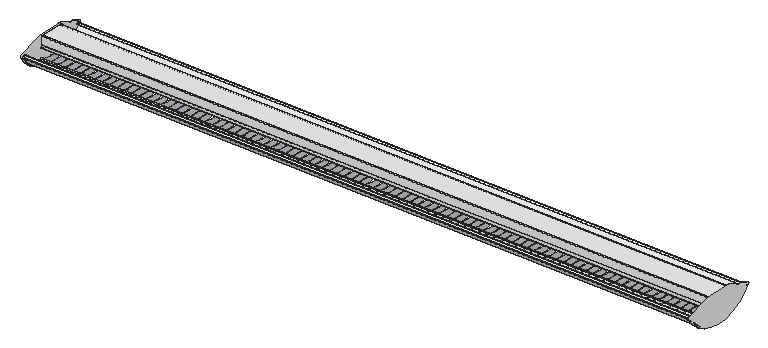
Revit family "LCBA92", category Lighting Fixtures, host Ceiling, Revit 2019 (continued)
Automatic sketch dimensions
  Extrusion 25 sketch curve to Extrusion 25 sketch curve = 0' - 5.49786"
  Extrusion 25 sketch curve to Extrusion 25 sketch curve = 0' - 0.72846"
  Extrusion 25 sketch curve to Extrusion 25 sketch curve = 0' - 0.24983"
  Extrusion 25 sketch curve to Extrusion 25 sketch curve = 0' - 0.04916"
  Extrusion 25 sketch curve to Extrusion 25 sketch curve = 0' - 0.53161"
  Extrusion 25 sketch curve to Extrusion 25 sketch curve = 0' - 0.11075"
  Extrusion 25 sketch curve to Extrusion 25 sketch curve = 0' - 0.0006"
  Extrusion 25 sketch curve to Extrusion 25 sketch curve = 0' - 0.0618"
  Extrusion 25 sketch curve to Extrusion 25 sketch curve = 0' - 0.05701"
  Extrusion 25 sketch curve to Extrusion 25 sketch curve = 0' - 0.25043"
  Extrusion 25 sketch curve to Extrusion 25 sketch curve = 0' - 0.11521"
  Extrusion 25 sketch curve to Extrusion 25 sketch curve = 0' - 0.04319"
  Extrusion 25 sketch curve to Extrusion 25 sketch curve = 0' - 0.08945"
  Extrusion 25 sketch curve to Extrusion 25 sketch curve = 0' - 0.05729"
  Extrusion 25 sketch curve to Extrusion 25 sketch curve = 0' - 0.02148"
  Extrusion 25 sketch curve to Extrusion 25 sketch curve = 0' - 0.04651"
  Extrusion 25 sketch curve to Extrusion 25 sketch curve = 0' - 0.11432"
  Extrusion 25 sketch curve to Extrusion 25 sketch curve = 0' - 0.00404"
  Extrusion 25 sketch curve to Extrusion 25 sketch curve = 0' - 0.06156"
  Extrusion 25 sketch curve to Extrusion 25 sketch curve = 0' - 0.05777"
  Extrusion 25 sketch curve to Extrusion 25 sketch curve = 0' - 0.24957"
  Extrusion 25 sketch curve to Extrusion 25 sketch curve = 0' - 0.1164"
  Extrusion 25 sketch curve to Extrusion 25 sketch curve = 0' - 0.0434"
  Extrusion 25 sketch curve to Extrusion 25 sketch curve = 0' - 0.08957"
  Extrusion 25 sketch curve to Extrusion 25 sketch curve = 0' - 0.05878"
  Extrusion 25 sketch curve to Extrusion 25 sketch curve = 0' - 0.02204"
  Extrusion 25 sketch curve to Extrusion 25 sketch curve = 0' - 0.11777"
  Extrusion 25 sketch curve to Extrusion 25 sketch curve = 0' - 1.81406"
  Extrusion 25 sketch curve to Extrusion 25 sketch curve = 0' - 0"
  Extrusion 25 sketch curve to Extrusion 25 sketch curve = 0' - 3.62674"
  Extrusion 25 sketch curve to Extrusion 25 sketch curve = 0' - 0.13108"
  Extrusion 25 sketch curve to Extrusion 25 sketch curve = 0' - 0.13208"
  Extrusion 25 sketch curve to Extrusion 25 sketch curve = 0' - 0.00107"
  Extrusion 25 sketch curve to Extrusion 25 sketch curve = 0' - 0.00122"
  Extrusion 25 sketch curve to Extrusion 25 sketch curve = 0' - 0.17689"
  Extrusion 25 sketch curve to Extrusion 25 sketch curve = 0' - 0.1749"
  Extrusion 26 sketch curve to Extrusion 26 sketch curve = 0' - 5.49786"
  Extrusion 26 sketch curve to Extrusion 26 sketch curve = 0' - 0.72846"
  Extrusion 26 sketch curve to Extrusion 26 sketch curve = 0' - 0.24983"
  Extrusion 26 sketch curve to Extrusion 26 sketch curve = 0' - 0.04916"
  Extrusion 26 sketch curve to Extrusion 26 sketch curve = 0' - 0.53161"
  Extrusion 26 sketch curve to Extrusion 26 sketch curve = 0' - 0.11075"
  Extrusion 26 sketch curve to Extrusion 26 sketch curve = 0' - 0.0006"
  Extrusion 26 sketch curve to Extrusion 26 sketch curve = 0' - 0.0618"
  Extrusion 26 sketch curve to Extrusion 26 sketch curve = 0' - 0.05701"
  Extrusion 26 sketch curve to Extrusion 26 sketch curve = 0' - 0.25043"
  Extrusion 26 sketch curve to Extrusion 26 sketch curve = 0' - 0.11521"
  Extrusion 26 sketch curve to Extrusion 26 sketch curve = 0' - 0.04319"
  Extrusion 26 sketch curve to Extrusion 26 sketch curve = 0' - 0.08945"
  Extrusion 26 sketch curve to Extrusion 26 sketch curve = 0' - 0.05729"
  Extrusion 26 sketch curve to Extrusion 26 sketch curve = 0' - 0.02148"
  Extrusion 26 sketch curve to Extrusion 26 sketch curve = 0' - 0.04651"
  Extrusion 26 sketch curve to Extrusion 26 sketch curve = 0' - 0.11432"
  Extrusion 26 sketch curve to Extrusion 26 sketch curve = 0' - 0.00404"
  Extrusion 26 sketch curve to Extrusion 26 sketch curve = 0' - 0.06156"
  Extrusion 26 sketch curve to Extrusion 26 sketch curve = 0' - 0.05777"
  Extrusion 26 sketch curve to Extrusion 26 sketch curve = 0' - 0.24957"
  Extrusion 26 sketch curve to Extrusion 26 sketch curve = 0' - 0.1164"
  Extrusion 26 sketch curve to Extrusion 26 sketch curve = 0' - 0.0434"
  Extrusion 26 sketch curve to Extrusion 26 sketch curve = 0' - 0.08957"
  Extrusion 26 sketch curve to Extrusion 26 sketch curve = 0' - 0.05878"
  Extrusion 26 sketch curve to Extrusion 26 sketch curve = 0' - 0.02204"
  Extrusion 26 sketch curve to Extrusion 26 sketch curve = 0' - 0.11777"
  Extrusion 26 sketch curve to Extrusion 26 sketch curve = 0' - 1.81406"
  Extrusion 26 sketch curve to Extrusion 26 sketch curve = 0' - 0"
  Extrusion 26 sketch curve to Extrusion 26 sketch curve = 0' - 3.62674"
  Extrusion 26 sketch curve to Extrusion 26 sketch curve = 0' - 0.13108"
  Extrusion 26 sketch curve to Extrusion 26 sketch curve = 0' - 0.13208"
  Extrusion 26 sketch curve to Extrusion 26 sketch curve = 0' - 0.00107"
  Extrusion 26 sketch curve to Extrusion 26 sketch curve = 0' - 0.00122"
  Extrusion 26 sketch curve to Extrusion 26 sketch curve = 0' - 0.17689"
  Extrusion 26 sketch curve to Extrusion 26 sketch curve = 0' - 0.1749"
  Extrusion 27 sketch curve to Extrusion 27 sketch curve = 0' - 5.49786"
  Extrusion 27 sketch curve to Extrusion 27 sketch curve = 0' - 0.72846"
  Extrusion 27 sketch curve to Extrusion 27 sketch curve = 0' - 0.24983"
  Extrusion 27 sketch curve to Extrusion 27 sketch curve = 0' - 0.04916"
  Extrusion 27 sketch curve to Extrusion 27 sketch curve = 0' - 0.53161"
  Extrusion 27 sketch curve to Extrusion 27 sketch curve = 0' - 0.11075"
  Extrusion 27 sketch curve to Extrusion 27 sketch curve = 0' - 0.0006"
  Extrusion 27 sketch curve to Extrusion 27 sketch curve = 0' - 0.0618"
  Extrusion 27 sketch curve to Extrusion 27 sketch curve = 0' - 0.05701"
  Extrusion 27 sketch curve to Extrusion 27 sketch curve = 0' - 0.25043"
  Extrusion 27 sketch curve to Extrusion 27 sketch curve = 0' - 0.11521"
  Extrusion 27 sketch curve to Extrusion 27 sketch curve = 0' - 0.04319"
  Extrusion 27 sketch curve to Extrusion 27 sketch curve = 0' - 0.08945"
  Extrusion 27 sketch curve to Extrusion 27 sketch curve = 0' - 0.05729"
  Extrusion 27 sketch curve to Extrusion 27 sketch curve = 0' - 0.02148"
  Extrusion 27 sketch curve to Extrusion 27 sketch curve = 0' - 0.04651"
  Extrusion 27 sketch curve to Extrusion 27 sketch curve = 0' - 0.11432"
  Extrusion 27 sketch curve to Extrusion 27 sketch curve = 0' - 0.00404"
  Extrusion 27 sketch curve to Extrusion 27 sketch curve = 0' - 0.06156"
  Extrusion 27 sketch curve to Extrusion 27 sketch curve = 0' - 0.05777"
  Extrusion 27 sketch curve to Extrusion 27 sketch curve = 0' - 0.24957"
  Extrusion 27 sketch curve to Extrusion 27 sketch curve = 0' - 0.1164"
  Extrusion 27 sketch curve to Extrusion 27 sketch curve = 0' - 0.0434"
  Extrusion 27 sketch curve to Extrusion 27 sketch curve = 0' - 0.08957"
  Extrusion 27 sketch curve to Extrusion 27 sketch curve = 0' - 0.05878"
  Extrusion 27 sketch curve to Extrusion 27 sketch curve = 0' - 0.02204"
  Extrusion 27 sketch curve to Extrusion 27 sketch curve = 0' - 0.11777"
  Extrusion 27 sketch curve to Extrusion 27 sketch curve = 0' - 1.81406"
  Extrusion 27 sketch curve to Extrusion 27 sketch curve = 0' - 0"
  Extrusion 27 sketch curve to Extrusion 27 sketch curve = 0' - 3.62674"
  Extrusion 27 sketch curve to Extrusion 27 sketch curve = 0' - 0.13108"
  Extrusion 27 sketch curve to Extrusion 27 sketch curve = 0' - 0.13208"
  Extrusion 27 sketch curve to Extrusion 27 sketch curve = 0' - 0.00107"
  Extrusion 27 sketch curve to Extrusion 27 sketch curve = 0' - 0.00122"
  Extrusion 27 sketch curve to Extrusion 27 sketch curve = 0' - 0.17689"
  Extrusion 27 sketch curve to Extrusion 27 sketch curve = 0' - 0.1749"
  Extrusion 28 sketch curve to Extrusion 28 sketch curve = 0' - 5.49786"
  Extrusion 28 sketch curve to Extrusion 28 sketch curve = 0' - 0.72846"
  Extrusion 28 sketch curve to Extrusion 28 sketch curve = 0' - 0.24983"
  Extrusion 28 sketch curve to Extrusion 28 sketch curve = 0' - 0.04916"
  Extrusion 28 sketch curve to Extrusion 28 sketch curve = 0' - 0.53161"
  Extrusion 28 sketch curve to Extrusion 28 sketch curve = 0' - 0.11075"
  Extrusion 28 sketch curve to Extrusion 28 sketch curve = 0' - 0.0006"
  Extrusion 28 sketch curve to Extrusion 28 sketch curve = 0' - 0.0618"
  Extrusion 28 sketch curve to Extrusion 28 sketch curve = 0' - 0.05701"
  Extrusion 28 sketch curve to Extrusion 28 sketch curve = 0' - 0.25043"
  Extrusion 28 sketch curve to Extrusion 28 sketch curve = 0' - 0.11521"
  Extrusion 28 sketch curve to Extrusion 28 sketch curve = 0' - 0.04319"
  Extrusion 28 sketch curve to Extrusion 28 sketch curve = 0' - 0.08945"
  Extrusion 28 sketch curve to Extrusion 28 sketch curve = 0' - 0.05729"
  Extrusion 28 sketch curve to Extrusion 28 sketch curve = 0' - 0.02148"
  Extrusion 28 sketch curve to Extrusion 28 sketch curve = 0' - 0.04651"
  Extrusion 28 sketch curve to Extrusion 28 sketch curve = 0' - 0.11432"
  Extrusion 28 sketch curve to Extrusion 28 sketch curve = 0' - 0.00404"
  Extrusion 28 sketch curve to Extrusion 28 sketch curve = 0' - 0.06156"
  Extrusion 28 sketch curve to Extrusion 28 sketch curve = 0' - 0.05777"
  Extrusion 28 sketch curve to Extrusion 28 sketch curve = 0' - 0.24957"
  Extrusion 28 sketch curve to Extrusion 28 sketch curve = 0' - 0.1164"
  Extrusion 28 sketch curve to Extrusion 28 sketch curve = 0' - 0.0434"
  Extrusion 28 sketch curve to Extrusion 28 sketch curve = 0' - 0.08957"
  Extrusion 28 sketch curve to Extrusion 28 sketch curve = 0' - 0.05878"
  Extrusion 28 sketch curve to Extrusion 28 sketch curve = 0' - 0.02204"
  Extrusion 28 sketch curve to Extrusion 28 sketch curve = 0' - 0.11777"
  Extrusion 28 sketch curve to Extrusion 28 sketch curve = 0' - 1.81406"
  Extrusion 28 sketch curve to Extrusion 28 sketch curve = 0' - 0"
  Extrusion 28 sketch curve to Extrusion 28 sketch curve = 0' - 3.62674"
  Extrusion 28 sketch curve to Extrusion 28 sketch curve = 0' - 0.13108"
  Extrusion 28 sketch curve to Extrusion 28 sketch curve = 0' - 0.13208"
  Extrusion 28 sketch curve to Extrusion 28 sketch curve = 0' - 0.00107"
  Extrusion 28 sketch curve to Extrusion 28 sketch curve = 0' - 0.00122"
  Extrusion 28 sketch curve to Extrusion 28 sketch curve = 0' - 0.17689"
  Extrusion 28 sketch curve to Extrusion 28 sketch curve = 0' - 0.1749"
  Extrusion 29 sketch curve to Extrusion 29 sketch curve = 0' - 5.49786"
  Extrusion 29 sketch curve to Extrusion 29 sketch curve = 0' - 0.72846"
  Extrusion 29 sketch curve to Extrusion 29 sketch curve = 0' - 0.24983"
  Extrusion 29 sketch curve to Extrusion 29 sketch curve = 0' - 0.04916"
  Extrusion 29 sketch curve to Extrusion 29 sketch curve = 0' - 0.53161"
  Extrusion 29 sketch curve to Extrusion 29 sketch curve = 0' - 0.11075"
  Extrusion 29 sketch curve to Extrusion 29 sketch curve = 0' - 0.0006"
  Extrusion 29 sketch curve to Extrusion 29 sketch curve = 0' - 0.0618"
  Extrusion 29 sketch curve to Extrusion 29 sketch curve = 0' - 0.05701"
  Extrusion 29 sketch curve to Extrusion 29 sketch curve = 0' - 0.25043"
  Extrusion 29 sketch curve to Extrusion 29 sketch curve = 0' - 0.11521"
  Extrusion 29 sketch curve to Extrusion 29 sketch curve = 0' - 0.04319"
  Extrusion 29 sketch curve to Extrusion 29 sketch curve = 0' - 0.08945"
  Extrusion 29 sketch curve to Extrusion 29 sketch curve = 0' - 0.05729"
  Extrusion 29 sketch curve to Extrusion 29 sketch curve = 0' - 0.02148"
  Extrusion 29 sketch curve to Extrusion 29 sketch curve = 0' - 0.04651"
  Extrusion 29 sketch curve to Extrusion 29 sketch curve = 0' - 0.11432"
  Extrusion 29 sketch curve to Extrusion 29 sketch curve = 0' - 0.00404"
  Extrusion 29 sketch curve to Extrusion 29 sketch curve = 0' - 0.06156"
  Extrusion 29 sketch curve to Extrusion 29 sketch curve = 0' - 0.05777"
  Extrusion 29 sketch curve to Extrusion 29 sketch curve = 0' - 0.24957"
  Extrusion 29 sketch curve to Extrusion 29 sketch curve = 0' - 0.1164"
  Extrusion 29 sketch curve to Extrusion 29 sketch curve = 0' - 0.0434"
  Extrusion 29 sketch curve to Extrusion 29 sketch curve = 0' - 0.08957"
  Extrusion 29 sketch curve to Extrusion 29 sketch curve = 0' - 0.05878"
  Extrusion 29 sketch curve to Extrusion 29 sketch curve = 0' - 0.02204"
  Extrusion 29 sketch curve to Extrusion 29 sketch curve = 0' - 0.11777"
  Extrusion 29 sketch curve to Extrusion 29 sketch curve = 0' - 1.81406"
  Extrusion 29 sketch curve to Extrusion 29 sketch curve = 0' - 0"
  Extrusion 29 sketch curve to Extrusion 29 sketch curve = 0' - 3.62674"
  Extrusion 29 sketch curve to Extrusion 29 sketch curve = 0' - 0.13108"
  Extrusion 29 sketch curve to Extrusion 29 sketch curve = 0' - 0.13208"
  Extrusion 29 sketch curve to Extrusion 29 sketch curve = 0' - 0.00107"
  Extrusion 29 sketch curve to Extrusion 29 sketch curve = 0' - 0.00122"
  Extrusion 29 sketch curve to Extrusion 29 sketch curve = 0' - 0.17689"
  Extrusion 29 sketch curve to Extrusion 29 sketch curve = 0' - 0.1749"
  Extrusion 30 sketch curve to Extrusion 30 sketch curve = 0' - 5.49786"
  Extrusion 30 sketch curve to Extrusion 30 sketch curve = 0' - 0.72846"
  Extrusion 30 sketch curve to Extrusion 30 sketch curve = 0' - 0.24983"
  Extrusion 30 sketch curve to Extrusion 30 sketch curve = 0' - 0.04916"
  Extrusion 30 sketch curve to Extrusion 30 sketch curve = 0' - 0.53161"
  Extrusion 30 sketch curve to Extrusion 30 sketch curve = 0' - 0.11075"
  Extrusion 30 sketch curve to Extrusion 30 sketch curve = 0' - 0.0006"
  Extrusion 30 sketch curve to Extrusion 30 sketch curve = 0' - 0.0618"
  Extrusion 30 sketch curve to Extrusion 30 sketch curve = 0' - 0.05701"
  Extrusion 30 sketch curve to Extrusion 30 sketch curve = 0' - 0.25043"
  Extrusion 30 sketch curve to Extrusion 30 sketch curve = 0' - 0.11521"
  Extrusion 30 sketch curve to Extrusion 30 sketch curve = 0' - 0.04319"
  Extrusion 30 sketch curve to Extrusion 30 sketch curve = 0' - 0.08945"
  Extrusion 30 sketch curve to Extrusion 30 sketch curve = 0' - 0.05729"
  Extrusion 30 sketch curve to Extrusion 30 sketch curve = 0' - 0.02148"
  Extrusion 30 sketch curve to Extrusion 30 sketch curve = 0' - 0.04651"
  Extrusion 30 sketch curve to Extrusion 30 sketch curve = 0' - 0.11432"
  Extrusion 30 sketch curve to Extrusion 30 sketch curve = 0' - 0.00404"
  Extrusion 30 sketch curve to Extrusion 30 sketch curve = 0' - 0.06156"
  Extrusion 30 sketch curve to Extrusion 30 sketch curve = 0' - 0.05777"
  Extrusion 30 sketch curve to Extrusion 30 sketch curve = 0' - 0.24957"
  Extrusion 30 sketch curve to Extrusion 30 sketch curve = 0' - 0.1164"
  Extrusion 30 sketch curve to Extrusion 30 sketch curve = 0' - 0.0434"
  Extrusion 30 sketch curve to Extrusion 30 sketch curve = 0' - 0.08957"
  Extrusion 30 sketch curve to Extrusion 30 sketch curve = 0' - 0.05878"
  Extrusion 30 sketch curve to Extrusion 30 sketch curve = 0' - 0.02204"
  Extrusion 30 sketch curve to Extrusion 30 sketch curve = 0' - 0.11777"
  Extrusion 30 sketch curve to Extrusion 30 sketch curve = 0' - 1.81406"
  Extrusion 30 sketch curve to Extrusion 30 sketch curve = 0' - 0"
  Extrusion 30 sketch curve to Extrusion 30 sketch curve = 0' - 3.62674"
  Extrusion 30 sketch curve to Extrusion 30 sketch curve = 0' - 0.13108"
  Extrusion 30 sketch curve to Extrusion 30 sketch curve = 0' - 0.13208"
  Extrusion 30 sketch curve to Extrusion 30 sketch curve = 0' - 0.00107"
  Extrusion 30 sketch curve to Extrusion 30 sketch curve = 0' - 0.00122"
  Extrusion 30 sketch curve to Extrusion 30 sketch curve = 0' - 0.17689"
  Extrusion 30 sketch curve to Extrusion 30 sketch curve = 0' - 0.1749"
  Extrusion 31 sketch curve to Extrusion 31 sketch curve = 0' - 5.49786"
  Extrusion 31 sketch curve to Extrusion 31 sketch curve = 0' - 0.72846"
  Extrusion 31 sketch curve to Extrusion 31 sketch curve = 0' - 0.24983"
  Extrusion 31 sketch curve to Extrusion 31 sketch curve = 0' - 0.04916"
  Extrusion 31 sketch curve to Extrusion 31 sketch curve = 0' - 0.53161"
  Extrusion 31 sketch curve to Extrusion 31 sketch curve = 0' - 0.11075"
  Extrusion 31 sketch curve to Extrusion 31 sketch curve = 0' - 0.0006"
  Extrusion 31 sketch curve to Extrusion 31 sketch curve = 0' - 0.0618"
  Extrusion 31 sketch curve to Extrusion 31 sketch curve = 0' - 0.05701"
  Extrusion 31 sketch curve to Extrusion 31 sketch curve = 0' - 0.25043"
  Extrusion 31 sketch curve to Extrusion 31 sketch curve = 0' - 0.11521"
  Extrusion 31 sketch curve to Extrusion 31 sketch curve = 0' - 0.04319"
  Extrusion 31 sketch curve to Extrusion 31 sketch curve = 0' - 0.08945"
  Extrusion 31 sketch curve to Extrusion 31 sketch curve = 0' - 0.05729"
  Extrusion 31 sketch curve to Extrusion 31 sketch curve = 0' - 0.02148"
  Extrusion 31 sketch curve to Extrusion 31 sketch curve = 0' - 0.04651"
  Extrusion 31 sketch curve to Extrusion 31 sketch curve = 0' - 0.11432"
  Extrusion 31 sketch curve to Extrusion 31 sketch curve = 0' - 0.00404"
  Extrusion 31 sketch curve to Extrusion 31 sketch curve = 0' - 0.06156"
  Extrusion 31 sketch curve to Extrusion 31 sketch curve = 0' - 0.05777"
  Extrusion 31 sketch curve to Extrusion 31 sketch curve = 0' - 0.24957"
  Extrusion 31 sketch curve to Extrusion 31 sketch curve = 0' - 0.1164"
  Extrusion 31 sketch curve to Extrusion 31 sketch curve = 0' - 0.0434"
  Extrusion 31 sketch curve to Extrusion 31 sketch curve = 0' - 0.08957"
  Extrusion 31 sketch curve to Extrusion 31 sketch curve = 0' - 0.05878"
  Extrusion 31 sketch curve to Extrusion 31 sketch curve = 0' - 0.02204"
  Extrusion 31 sketch curve to Extrusion 31 sketch curve = 0' - 0.11777"
  Extrusion 31 sketch curve to Extrusion 31 sketch curve = 0' - 1.81406"
  Extrusion 31 sketch curve to Extrusion 31 sketch curve = 0' - 0"
  Extrusion 31 sketch curve to Extrusion 31 sketch curve = 0' - 3.62674"
  Extrusion 31 sketch curve to Extrusion 31 sketch curve = 0' - 0.13108"
  Extrusion 31 sketch curve to Extrusion 31 sketch curve = 0' - 0.13208"
  Extrusion 31 sketch curve to Extrusion 31 sketch curve = 0' - 0.00107"
  Extrusion 31 sketch curve to Extrusion 31 sketch curve = 0' - 0.00122"
  Extrusion 31 sketch curve to Extrusion 31 sketch curve = 0' - 0.17689"
  Extrusion 31 sketch curve to Extrusion 31 sketch curve = 0' - 0.1749"
  Extrusion 32 sketch curve to Extrusion 32 sketch curve = 0' - 5.49786"
  Extrusion 32 sketch curve to Extrusion 32 sketch curve = 0' - 0.72846"
  Extrusion 32 sketch curve to Extrusion 32 sketch curve = 0' - 0.24983"
  Extrusion 32 sketch curve to Extrusion 32 sketch curve = 0' - 0.04916"
  Extrusion 32 sketch curve to Extrusion 32 sketch curve = 0' - 0.53161"
  Extrusion 32 sketch curve to Extrusion 32 sketch curve = 0' - 0.11075"
  Extrusion 32 sketch curve to Extrusion 32 sketch curve = 0' - 0.0006"
  Extrusion 32 sketch curve to Extrusion 32 sketch curve = 0' - 0.0618"
  Extrusion 32 sketch curve to Extrusion 32 sketch curve = 0' - 0.05701"
  Extrusion 32 sketch curve to Extrusion 32 sketch curve = 0' - 0.25043"
  Extrusion 32 sketch curve to Extrusion 32 sketch curve = 0' - 0.11521"
  Extrusion 32 sketch curve to Extrusion 32 sketch curve = 0' - 0.04319"
  Extrusion 32 sketch curve to Extrusion 32 sketch curve = 0' - 0.08945"
  Extrusion 32 sketch curve to Extrusion 32 sketch curve = 0' - 0.05729"
  Extrusion 32 sketch curve to Extrusion 32 sketch curve = 0' - 0.02148"
  Extrusion 32 sketch curve to Extrusion 32 sketch curve = 0' - 0.04651"
  Extrusion 32 sketch curve to Extrusion 32 sketch curve = 0' - 0.11432"
  Extrusion 32 sketch curve to Extrusion 32 sketch curve = 0' - 0.00404"
  Extrusion 32 sketch curve to Extrusion 32 sketch curve = 0' - 0.06156"
  Extrusion 32 sketch curve to Extrusion 32 sketch curve = 0' - 0.05777"
  Extrusion 32 sketch curve to Extrusion 32 sketch curve = 0' - 0.24957"
  Extrusion 32 sketch curve to Extrusion 32 sketch curve = 0' - 0.1164"
  Extrusion 32 sketch curve to Extrusion 32 sketch curve = 0' - 0.0434"
  Extrusion 32 sketch curve to Extrusion 32 sketch curve = 0' - 0.08957"
  Extrusion 32 sketch curve to Extrusion 32 sketch curve = 0' - 0.05878"
  Extrusion 32 sketch curve to Extrusion 32 sketch curve = 0' - 0.02204"
  Extrusion 32 sketch curve to Extrusion 32 sketch curve = 0' - 0.11777"
  Extrusion 32 sketch curve to Extrusion 32 sketch curve = 0' - 1.81406"
  Extrusion 32 sketch curve to Extrusion 32 sketch curve = 0' - 0"
  Extrusion 32 sketch curve to Extrusion 32 sketch curve = 0' - 3.62674"
  Extrusion 32 sketch curve to Extrusion 32 sketch curve = 0' - 0.13108"
  Extrusion 32 sketch curve to Extrusion 32 sketch curve = 0' - 0.13208"
  Extrusion 32 sketch curve to Extrusion 32 sketch curve = 0' - 0.00107"
  Extrusion 32 sketch curve to Extrusion 32 sketch curve = 0' - 0.00122"
  Extrusion 32 sketch curve to Extrusion 32 sketch curve = 0' - 0.17689"
  Extrusion 32 sketch curve to Extrusion 32 sketch curve = 0' - 0.1749"
  Extrusion 33 sketch curve to Extrusion 33 sketch curve = 0' - 5.49786"
  Extrusion 33 sketch curve to Extrusion 33 sketch curve = 0' - 0.72846"
  Extrusion 33 sketch curve to Extrusion 33 sketch curve = 0' - 0.24983"
  Extrusion 33 sketch curve to Extrusion 33 sketch curve = 0' - 0.04916"
  Extrusion 33 sketch curve to Extrusion 33 sketch curve = 0' - 0.53161"
  Extrusion 33 sketch curve to Extrusion 33 sketch curve = 0' - 0.11075"
  Extrusion 33 sketch curve to Extrusion 33 sketch curve = 0' - 0.0006"
  Extrusion 33 sketch curve to Extrusion 33 sketch curve = 0' - 0.0618"
  Extrusion 33 sketch curve to Extrusion 33 sketch curve = 0' - 0.05701"
  Extrusion 33 sketch curve to Extrusion 33 sketch curve = 0' - 0.25043"
  Extrusion 33 sketch curve to Extrusion 33 sketch curve = 0' - 0.11521"
  Extrusion 33 sketch curve to Extrusion 33 sketch curve = 0' - 0.04319"
  Extrusion 33 sketch curve to Extrusion 33 sketch curve = 0' - 0.08945"
  Extrusion 33 sketch curve to Extrusion 33 sketch curve = 0' - 0.05729"
  Extrusion 33 sketch curve to Extrusion 33 sketch curve = 0' - 0.02148"
  Extrusion 33 sketch curve to Extrusion 33 sketch curve = 0' - 0.04651"
  Extrusion 33 sketch curve to Extrusion 33 sketch curve = 0' - 0.11432"
  Extrusion 33 sketch curve to Extrusion 33 sketch curve = 0' - 0.00404"
  Extrusion 33 sketch curve to Extrusion 33 sketch curve = 0' - 0.06156"
  Extrusion 33 sketch curve to Extrusion 33 sketch curve = 0' - 0.05777"
  Extrusion 33 sketch curve to Extrusion 33 sketch curve = 0' - 0.24957"
  Extrusion 33 sketch curve to Extrusion 33 sketch curve = 0' - 0.1164"
  Extrusion 33 sketch curve to Extrusion 33 sketch curve = 0' - 0.0434"
  Extrusion 33 sketch curve to Extrusion 33 sketch curve = 0' - 0.08957"
  Extrusion 33 sketch curve to Extrusion 33 sketch curve = 0' - 0.05878"
  Extrusion 33 sketch curve to Extrusion 33 sketch curve = 0' - 0.02204"
  Extrusion 33 sketch curve to Extrusion 33 sketch curve = 0' - 0.11777"
  Extrusion 33 sketch curve to Extrusion 33 sketch curve = 0' - 1.81406"
  Extrusion 33 sketch curve to Extrusion 33 sketch curve = 0' - 0"
  Extrusion 33 sketch curve to Extrusion 33 sketch curve = 0' - 3.62674"
  Extrusion 33 sketch curve to Extrusion 33 sketch curve = 0' - 0.13108"
  Extrusion 33 sketch curve to Extrusion 33 sketch curve = 0' - 0.13208"
  Extrusion 33 sketch curve to Extrusion 33 sketch curve = 0' - 0.00107"
  Extrusion 33 sketch curve to Extrusion 33 sketch curve = 0' - 0.00122"
  Extrusion 33 sketch curve to Extrusion 33 sketch curve = 0' - 0.17689"
  Extrusion 33 sketch curve to Extrusion 33 sketch curve = 0' - 0.1749"
  Extrusion 34 sketch curve to Extrusion 34 sketch curve = 0' - 5.49786"
  Extrusion 34 sketch curve to Extrusion 34 sketch curve = 0' - 0.72846"
  Extrusion 34 sketch curve to Extrusion 34 sketch curve = 0' - 0.24983"
  Extrusion 34 sketch curve to Extrusion 34 sketch curve = 0' - 0.04916"
  Extrusion 34 sketch curve to Extrusion 34 sketch curve = 0' - 0.53161"
  Extrusion 34 sketch curve to Extrusion 34 sketch curve = 0' - 0.11075"
  Extrusion 34 sketch curve to Extrusion 34 sketch curve = 0' - 0.0006"
  Extrusion 34 sketch curve to Extrusion 34 sketch curve = 0' - 0.0618"
  Extrusion 34 sketch curve to Extrusion 34 sketch curve = 0' - 0.05701"
  Extrusion 34 sketch curve to Extrusion 34 sketch curve = 0' - 0.25043"
  Extrusion 34 sketch curve to Extrusion 34 sketch curve = 0' - 0.11521"
  Extrusion 34 sketch curve to Extrusion 34 sketch curve = 0' - 0.04319"
  Extrusion 34 sketch curve to Extrusion 34 sketch curve = 0' - 0.08945"
  Extrusion 34 sketch curve to Extrusion 34 sketch curve = 0' - 0.05729"
  Extrusion 34 sketch curve to Extrusion 34 sketch curve = 0' - 0.02148"
  Extrusion 34 sketch curve to Extrusion 34 sketch curve = 0' - 0.04651"
  Extrusion 34 sketch curve to Extrusion 34 sketch curve = 0' - 0.11432"
  Extrusion 34 sketch curve to Extrusion 34 sketch curve = 0' - 0.00404"
  Extrusion 34 sketch curve to Extrusion 34 sketch curve = 0' - 0.06156"
  Extrusion 34 sketch curve to Extrusion 34 sketch curve = 0' - 0.05777"
  Extrusion 34 sketch curve to Extrusion 34 sketch curve = 0' - 0.24957"
  Extrusion 34 sketch curve to Extrusion 34 sketch curve = 0' - 0.1164"
  Extrusion 34 sketch curve to Extrusion 34 sketch curve = 0' - 0.0434"
  Extrusion 34 sketch curve to Extrusion 34 sketch curve = 0' - 0.08957"
  Extrusion 34 sketch curve to Extrusion 34 sketch curve = 0' - 0.05878"
  Extrusion 34 sketch curve to Extrusion 34 sketch curve = 0' - 0.02204"
  Extrusion 34 sketch curve to Extrusion 34 sketch curve = 0' - 0.11777"
  Extrusion 34 sketch curve to Extrusion 34 sketch curve = 0' - 1.81406"
  Extrusion 34 sketch curve to Extrusion 34 sketch curve = 0' - 0"
  Extrusion 34 sketch curve to Extrusion 34 sketch curve = 0' - 3.62674"
  Extrusion 34 sketch curve to Extrusion 34 sketch curve = 0' - 0.13108"
  Extrusion 34 sketch curve to Extrusion 34 sketch curve = 0' - 0.13208"
  Extrusion 34 sketch curve to Extrusion 34 sketch curve = 0' - 0.00107"
  Extrusion 34 sketch curve to Extrusion 34 sketch curve = 0' - 0.00122"
  Extrusion 34 sketch curve to Extrusion 34 sketch curve = 0' - 0.17689"
  Extrusion 34 sketch curve to Extrusion 34 sketch curve = 0' - 0.1749"
  Extrusion 35 sketch curve to Extrusion 35 sketch curve = 0' - 5.49786"
  Extrusion 35 sketch curve to Extrusion 35 sketch curve = 0' - 0.72846"
  Extrusion 35 sketch curve to Extrusion 35 sketch curve = 0' - 0.24983"
  Extrusion 35 sketch curve to Extrusion 35 sketch curve = 0' - 0.04916"
  Extrusion 35 sketch curve to Extrusion 35 sketch curve = 0' - 0.53161"
  Extrusion 35 sketch curve to Extrusion 35 sketch curve = 0' - 0.11075"
  Extrusion 35 sketch curve to Extrusion 35 sketch curve = 0' - 0.0006"
  Extrusion 35 sketch curve to Extrusion 35 sketch curve = 0' - 0.0618"
  Extrusion 35 sketch curve to Extrusion 35 sketch curve = 0' - 0.05701"
  Extrusion 35 sketch curve to Extrusion 35 sketch curve = 0' - 0.25043"
  Extrusion 35 sketch curve to Extrusion 35 sketch curve = 0' - 0.11521"
  Extrusion 35 sketch curve to Extrusion 35 sketch curve = 0' - 0.04319"
  Extrusion 35 sketch curve to Extrusion 35 sketch curve = 0' - 0.08945"
  Extrusion 35 sketch curve to Extrusion 35 sketch curve = 0' - 0.05729"
  Extrusion 35 sketch curve to Extrusion 35 sketch curve = 0' - 0.02148"
  Extrusion 35 sketch curve to Extrusion 35 sketch curve = 0' - 0.04651"
  Extrusion 35 sketch curve to Extrusion 35 sketch curve = 0' - 0.11432"
  Extrusion 35 sketch curve to Extrusion 35 sketch curve = 0' - 0.00404"
  Extrusion 35 sketch curve to Extrusion 35 sketch curve = 0' - 0.06156"
  Extrusion 35 sketch curve to Extrusion 35 sketch curve = 0' - 0.05777"
  Extrusion 35 sketch curve to Extrusion 35 sketch curve = 0' - 0.24957"
  Extrusion 35 sketch curve to Extrusion 35 sketch curve = 0' - 0.1164"
  Extrusion 35 sketch curve to Extrusion 35 sketch curve = 0' - 0.0434"
  Extrusion 35 sketch curve to Extrusion 35 sketch curve = 0' - 0.08957"
  Extrusion 35 sketch curve to Extrusion 35 sketch curve = 0' - 0.05878"
  Extrusion 35 sketch curve to Extrusion 35 sketch curve = 0' - 0.02204"
  Extrusion 35 sketch curve to Extrusion 35 sketch curve = 0' - 0.11777"
  Extrusion 35 sketch curve to Extrusion 35 sketch curve = 0' - 1.81406"
  Extrusion 35 sketch curve to Extrusion 35 sketch curve = 0' - 0"
  Extrusion 35 sketch curve to Extrusion 35 sketch curve = 0' - 3.62674"
  Extrusion 35 sketch curve to Extrusion 35 sketch curve = 0' - 0.13108"
  Extrusion 35 sketch curve to Extrusion 35 sketch curve = 0' - 0.13208"
  Extrusion 35 sketch curve to Extrusion 35 sketch curve = 0' - 0.00107"
  Extrusion 35 sketch curve to Extrusion 35 sketch curve = 0' - 0.00122"
  Extrusion 35 sketch curve to Extrusion 35 sketch curve = 0' - 0.17689"
  Extrusion 35 sketch curve to Extrusion 35 sketch curve = 0' - 0.1749"
  Extrusion 36 sketch curve to Extrusion 36 sketch curve = 0' - 5.49786"
  Extrusion 36 sketch curve to Extrusion 36 sketch curve = 0' - 0.72846"
  Extrusion 36 sketch curve to Extrusion 36 sketch curve = 0' - 0.24983"
  Extrusion 36 sketch curve to Extrusion 36 sketch curve = 0' - 0.04916"
  Extrusion 36 sketch curve to Extrusion 36 sketch curve = 0' - 0.53161"
  Extrusion 36 sketch curve to Extrusion 36 sketch curve = 0' - 0.11075"
  Extrusion 36 sketch curve to Extrusion 36 sketch curve = 0' - 0.0006"
  Extrusion 36 sketch curve to Extrusion 36 sketch curve = 0' - 0.0618"
  Extrusion 36 sketch curve to Extrusion 36 sketch curve = 0' - 0.05701"
  Extrusion 36 sketch curve to Extrusion 36 sketch curve = 0' - 0.25043"
  Extrusion 36 sketch curve to Extrusion 36 sketch curve = 0' - 0.11521"
  Extrusion 36 sketch curve to Extrusion 36 sketch curve = 0' - 0.04319"
  Extrusion 36 sketch curve to Extrusion 36 sketch curve = 0' - 0.08945"
  Extrusion 36 sketch curve to Extrusion 36 sketch curve = 0' - 0.05729"
  Extrusion 36 sketch curve to Extrusion 36 sketch curve = 0' - 0.02148"
  Extrusion 36 sketch curve to Extrusion 36 sketch curve = 0' - 0.04651"
  Extrusion 36 sketch curve to Extrusion 36 sketch curve = 0' - 0.11432"
  Extrusion 36 sketch curve to Extrusion 36 sketch curve = 0' - 0.00404"
  Extrusion 36 sketch curve to Extrusion 36 sketch curve = 0' - 0.06156"
  Extrusion 36 sketch curve to Extrusion 36 sketch curve = 0' - 0.05777"
  Extrusion 36 sketch curve to Extrusion 36 sketch curve = 0' - 0.24957"
  Extrusion 36 sketch curve to Extrusion 36 sketch curve = 0' - 0.1164"
  Extrusion 36 sketch curve to Extrusion 36 sketch curve = 0' - 0.0434"
  Extrusion 36 sketch curve to Extrusion 36 sketch curve = 0' - 0.08957"
  Extrusion 36 sketch curve to Extrusion 36 sketch curve = 0' - 0.05878"
  Extrusion 36 sketch curve to Extrusion 36 sketch curve = 0' - 0.02204"
  Extrusion 36 sketch curve to Extrusion 36 sketch curve = 0' - 0.11777"
  Extrusion 36 sketch curve to Extrusion 36 sketch curve = 0' - 1.81406"
  Extrusion 36 sketch curve to Extrusion 36 sketch curve = 0' - 0"
  Extrusion 36 sketch curve to Extrusion 36 sketch curve = 0' - 3.62674"
  Extrusion 36 sketch curve to Extrusion 36 sketch curve = 0' - 0.13108"
  Extrusion 36 sketch curve to Extrusion 36 sketch curve = 0' - 0.13208"
  Extrusion 36 sketch curve to Extrusion 36 sketch curve = 0' - 0.00107"
  Extrusion 36 sketch curve to Extrusion 36 sketch curve = 0' - 0.00122"
  Extrusion 36 sketch curve to Extrusion 36 sketch curve = 0' - 0.17689"
  Extrusion 36 sketch curve to Extrusion 36 sketch curve = 0' - 0.1749"
  Extrusion 37 sketch curve to Extrusion 37 sketch curve = 0' - 5.49786"
  Extrusion 37 sketch curve to Extrusion 37 sketch curve = 0' - 0.72846"
  Extrusion 37 sketch curve to Extrusion 37 sketch curve = 0' - 0.24983"
  Extrusion 37 sketch curve to Extrusion 37 sketch curve = 0' - 0.04916"
  Extrusion 37 sketch curve to Extrusion 37 sketch curve = 0' - 0.53161"
  Extrusion 37 sketch curve to Extrusion 37 sketch curve = 0' - 0.11075"
  Extrusion 37 sketch curve to Extrusion 37 sketch curve = 0' - 0.0006"
  Extrusion 37 sketch curve to Extrusion 37 sketch curve = 0' - 0.0618"
  Extrusion 37 sketch curve to Extrusion 37 sketch curve = 0' - 0.05701"
  Extrusion 37 sketch curve to Extrusion 37 sketch curve = 0' - 0.25043"
  Extrusion 37 sketch curve to Extrusion 37 sketch curve = 0' - 0.11521"
  Extrusion 37 sketch curve to Extrusion 37 sketch curve = 0' - 0.04319"
  Extrusion 37 sketch curve to Extrusion 37 sketch curve = 0' - 0.08945"
  Extrusion 37 sketch curve to Extrusion 37 sketch curve = 0' - 0.05729"
  Extrusion 37 sketch curve to Extrusion 37 sketch curve = 0' - 0.02148"
  Extrusion 37 sketch curve to Extrusion 37 sketch curve = 0' - 0.04651"
  Extrusion 37 sketch curve to Extrusion 37 sketch curve = 0' - 0.11432"
  Extrusion 37 sketch curve to Extrusion 37 sketch curve = 0' - 0.00404"
  Extrusion 37 sketch curve to Extrusion 37 sketch curve = 0' - 0.06156"
  Extrusion 37 sketch curve to Extrusion 37 sketch curve = 0' - 0.05777"
  Extrusion 37 sketch curve to Extrusion 37 sketch curve = 0' - 0.24957"
  Extrusion 37 sketch curve to Extrusion 37 sketch curve = 0' - 0.1164"
  Extrusion 37 sketch curve to Extrusion 37 sketch curve = 0' - 0.0434"
  Extrusion 37 sketch curve to Extrusion 37 sketch curve = 0' - 0.08957"
  Extrusion 37 sketch curve to Extrusion 37 sketch curve = 0' - 0.05878"
  Extrusion 37 sketch curve to Extrusion 37 sketch curve = 0' - 0.02204"
  Extrusion 37 sketch curve to Extrusion 37 sketch curve = 0' - 0.11777"
  Extrusion 37 sketch curve to Extrusion 37 sketch curve = 0' - 1.81406"
  Extrusion 37 sketch curve to Extrusion 37 sketch curve = 0' - 0"
  Extrusion 37 sketch curve to Extrusion 37 sketch curve = 0' - 3.62674"
  Extrusion 37 sketch curve to Extrusion 37 sketch curve = 0' - 0.13108"
  Extrusion 37 sketch curve to Extrusion 37 sketch curve = 0' - 0.13208"
  Extrusion 37 sketch curve to Extrusion 37 sketch curve = 0' - 0.00107"
  Extrusion 37 sketch curve to Extrusion 37 sketch curve = 0' - 0.00122"
  Extrusion 37 sketch curve to Extrusion 37 sketch curve = 0' - 0.17689"
  Extrusion 37 sketch curve to Extrusion 37 sketch curve = 0' - 0.1749"
  Extrusion 38 sketch curve to Extrusion 38 sketch curve = 0' - 5.49786"
  Extrusion 38 sketch curve to Extrusion 38 sketch curve = 0' - 0.72846"
  Extrusion 38 sketch curve to Extrusion 38 sketch curve = 0' - 0.24983"
  Extrusion 38 sketch curve to Extrusion 38 sketch curve = 0' - 0.04916"
  Extrusion 38 sketch curve to Extrusion 38 sketch curve = 0' - 0.53161"
  Extrusion 38 sketch curve to Extrusion 38 sketch curve = 0' - 0.11075"
  Extrusion 38 sketch curve to Extrusion 38 sketch curve = 0' - 0.0006"
  Extrusion 38 sketch curve to Extrusion 38 sketch curve = 0' - 0.0618"
  Extrusion 38 sketch curve to Extrusion 38 sketch curve = 0' - 0.05701"
  Extrusion 38 sketch curve to Extrusion 38 sketch curve = 0' - 0.25043"
  Extrusion 38 sketch curve to Extrusion 38 sketch curve = 0' - 0.11521"
  Extrusion 38 sketch curve to Extrusion 38 sketch curve = 0' - 0.04319"
  Extrusion 38 sketch curve to Extrusion 38 sketch curve = 0' - 0.08945"
  Extrusion 38 sketch curve to Extrusion 38 sketch curve = 0' - 0.05729"
  Extrusion 38 sketch curve to Extrusion 38 sketch curve = 0' - 0.02148"
  Extrusion 38 sketch curve to Extrusion 38 sketch curve = 0' - 0.04651"
  Extrusion 38 sketch curve to Extrusion 38 sketch curve = 0' - 0.11432"
  Extrusion 38 sketch curve to Extrusion 38 sketch curve = 0' - 0.00404"
  Extrusion 38 sketch curve to Extrusion 38 sketch curve = 0' - 0.06156"
  Extrusion 38 sketch curve to Extrusion 38 sketch curve = 0' - 0.05777"
  Extrusion 38 sketch curve to Extrusion 38 sketch curve = 0' - 0.24957"
  Extrusion 38 sketch curve to Extrusion 38 sketch curve = 0' - 0.1164"
  Extrusion 38 sketch curve to Extrusion 38 sketch curve = 0' - 0.0434"
  Extrusion 38 sketch curve to Extrusion 38 sketch curve = 0' - 0.08957"
  Extrusion 38 sketch curve to Extrusion 38 sketch curve = 0' - 0.05878"
  Extrusion 38 sketch curve to Extrusion 38 sketch curve = 0' - 0.02204"
  Extrusion 38 sketch curve to Extrusion 38 sketch curve = 0' - 0.11777"
  Extrusion 38 sketch curve to Extrusion 38 sketch curve = 0' - 1.81406"
  Extrusion 38 sketch curve to Extrusion 38 sketch curve = 0' - 0"
  Extrusion 38 sketch curve to Extrusion 38 sketch curve = 0' - 3.62674"
  Extrusion 38 sketch curve to Extrusion 38 sketch curve = 0' - 0.13108"
  Extrusion 38 sketch curve to Extrusion 38 sketch curve = 0' - 0.13208"
  Extrusion 38 sketch curve to Extrusion 38 sketch curve = 0' - 0.00107"
  Extrusion 38 sketch curve to Extrusion 38 sketch curve = 0' - 0.00122"
  Extrusion 38 sketch curve to Extrusion 38 sketch curve = 0' - 0.17689"
  Extrusion 38 sketch curve to Extrusion 38 sketch curve = 0' - 0.1749"
  Extrusion 39 sketch curve to Extrusion 39 sketch curve = 0' - 5.49786"
  Extrusion 39 sketch curve to Extrusion 39 sketch curve = 0' - 0.72846"
  Extrusion 39 sketch curve to Extrusion 39 sketch curve = 0' - 0.24983"
  Extrusion 39 sketch curve to Extrusion 39 sketch curve = 0' - 0.04916"
  Extrusion 39 sketch curve to Extrusion 39 sketch curve = 0' - 0.53161"
  Extrusion 39 sketch curve to Extrusion 39 sketch curve = 0' - 0.11075"
  Extrusion 39 sketch curve to Extrusion 39 sketch curve = 0' - 0.0006"
  Extrusion 39 sketch curve to Extrusion 39 sketch curve = 0' - 0.0618"
  Extrusion 39 sketch curve to Extrusion 39 sketch curve = 0' - 0.05701"
  Extrusion 39 sketch curve to Extrusion 39 sketch curve = 0' - 0.25043"
  Extrusion 39 sketch curve to Extrusion 39 sketch curve = 0' - 0.11521"
  Extrusion 39 sketch curve to Extrusion 39 sketch curve = 0' - 0.04319"
  Extrusion 39 sketch curve to Extrusion 39 sketch curve = 0' - 0.08945"
  Extrusion 39 sketch curve to Extrusion 39 sketch curve = 0' - 0.05729"
  Extrusion 39 sketch curve to Extrusion 39 sketch curve = 0' - 0.02148"
  Extrusion 39 sketch curve to Extrusion 39 sketch curve = 0' - 0.04651"
  Extrusion 39 sketch curve to Extrusion 39 sketch curve = 0' - 0.11432"
  Extrusion 39 sketch curve to Extrusion 39 sketch curve = 0' - 0.00404"
  Extrusion 39 sketch curve to Extrusion 39 sketch curve = 0' - 0.06156"
  Extrusion 39 sketch curve to Extrusion 39 sketch curve = 0' - 0.05777"
  Extrusion 39 sketch curve to Extrusion 39 sketch curve = 0' - 0.24957"
  Extrusion 39 sketch curve to Extrusion 39 sketch curve = 0' - 0.1164"
  Extrusion 39 sketch curve to Extrusion 39 sketch curve = 0' - 0.0434"
  Extrusion 39 sketch curve to Extrusion 39 sketch curve = 0' - 0.08957"
  Extrusion 39 sketch curve to Extrusion 39 sketch curve = 0' - 0.05878"
  Extrusion 39 sketch curve to Extrusion 39 sketch curve = 0' - 0.02204"
  Extrusion 39 sketch curve to Extrusion 39 sketch curve = 0' - 0.11777"
  Extrusion 39 sketch curve to Extrusion 39 sketch curve = 0' - 1.81406"
  Extrusion 39 sketch curve to Extrusion 39 sketch curve = 0' - 0"
  Extrusion 39 sketch curve to Extrusion 39 sketch curve = 0' - 3.62674"
  Extrusion 39 sketch curve to Extrusion 39 sketch curve = 0' - 0.13108"
  Extrusion 39 sketch curve to Extrusion 39 sketch curve = 0' - 0.13208"
  Extrusion 39 sketch curve to Extrusion 39 sketch curve = 0' - 0.00107"
  Extrusion 39 sketch curve to Extrusion 39 sketch curve = 0' - 0.00122"
  Extrusion 39 sketch curve to Extrusion 39 sketch curve = 0' - 0.17689"
  Extrusion 39 sketch curve to Extrusion 39 sketch curve = 0' - 0.1749"
  Extrusion 40 sketch curve to Extrusion 40 sketch curve = 0' - 5.49786"
  Extrusion 40 sketch curve to Extrusion 40 sketch curve = 0' - 0.72846"
  Extrusion 40 sketch curve to Extrusion 40 sketch curve = 0' - 0.24983"
  Extrusion 40 sketch curve to Extrusion 40 sketch curve = 0' - 0.04916"
  Extrusion 40 sketch curve to Extrusion 40 sketch curve = 0' - 0.53161"
  Extrusion 40 sketch curve to Extrusion 40 sketch curve = 0' - 0.11075"
  Extrusion 40 sketch curve to Extrusion 40 sketch curve = 0' - 0.0006"
  Extrusion 40 sketch curve to Extrusion 40 sketch curve = 0' - 0.0618"
  Extrusion 40 sketch curve to Extrusion 40 sketch curve = 0' - 0.05701"
  Extrusion 40 sketch curve to Extrusion 40 sketch curve = 0' - 0.25043"
  Extrusion 40 sketch curve to Extrusion 40 sketch curve = 0' - 0.11521"
  Extrusion 40 sketch curve to Extrusion 40 sketch curve = 0' - 0.04319"
  Extrusion 40 sketch curve to Extrusion 40 sketch curve = 0' - 0.08945"
  Extrusion 40 sketch curve to Extrusion 40 sketch curve = 0' - 0.05729"
  Extrusion 40 sketch curve to Extrusion 40 sketch curve = 0' - 0.02148"
  Extrusion 40 sketch curve to Extrusion 40 sketch curve = 0' - 0.04651"
  Extrusion 40 sketch curve to Extrusion 40 sketch curve = 0' - 0.11432"
  Extrusion 40 sketch curve to Extrusion 40 sketch curve = 0' - 0.00404"
  Extrusion 40 sketch curve to Extrusion 40 sketch curve = 0' - 0.06156"
  Extrusion 40 sketch curve to Extrusion 40 sketch curve = 0' - 0.05777"
  Extrusion 40 sketch curve to Extrusion 40 sketch curve = 0' - 0.24957"
  Extrusion 40 sketch curve to Extrusion 40 sketch curve = 0' - 0.1164"
  Extrusion 40 sketch curve to Extrusion 40 sketch curve = 0' - 0.0434"
  Extrusion 40 sketch curve to Extrusion 40 sketch curve = 0' - 0.08957"
  Extrusion 40 sketch curve to Extrusion 40 sketch curve = 0' - 0.05878"
  Extrusion 40 sketch curve to Extrusion 40 sketch curve = 0' - 0.02204"
  Extrusion 40 sketch curve to Extrusion 40 sketch curve = 0' - 0.11777"
  Extrusion 40 sketch curve to Extrusion 40 sketch curve = 0' - 1.81406"
  Extrusion 40 sketch curve to Extrusion 40 sketch curve = 0' - 0"
  Extrusion 40 sketch curve to Extrusion 40 sketch curve = 0' - 3.62674"
  Extrusion 40 sketch curve to Extrusion 40 sketch curve = 0' - 0.13108"
  Extrusion 40 sketch curve to Extrusion 40 sketch curve = 0' - 0.13208"
  Extrusion 40 sketch curve to Extrusion 40 sketch curve = 0' - 0.00107"
  Extrusion 40 sketch curve to Extrusion 40 sketch curve = 0' - 0.00122"
  Extrusion 40 sketch curve to Extrusion 40 sketch curve = 0' - 0.17689"
  Extrusion 40 sketch curve to Extrusion 40 sketch curve = 0' - 0.1749"
  Extrusion 41 sketch curve to Extrusion 41 sketch curve = 0' - 5.49786"
  Extrusion 41 sketch curve to Extrusion 41 sketch curve = 0' - 0.72846"
  Extrusion 41 sketch curve to Extrusion 41 sketch curve = 0' - 0.24983"
  Extrusion 41 sketch curve to Extrusion 41 sketch curve = 0' - 0.04916"
  Extrusion 41 sketch curve to Extrusion 41 sketch curve = 0' - 0.53161"
  Extrusion 41 sketch curve to Extrusion 41 sketch curve = 0' - 0.11075"
  Extrusion 41 sketch curve to Extrusion 41 sketch curve = 0' - 0.0006"
  Extrusion 41 sketch curve to Extrusion 41 sketch curve = 0' - 0.0618"
  Extrusion 41 sketch curve to Extrusion 41 sketch curve = 0' - 0.05701"
  Extrusion 41 sketch curve to Extrusion 41 sketch curve = 0' - 0.25043"
  Extrusion 41 sketch curve to Extrusion 41 sketch curve = 0' - 0.11521"
  Extrusion 41 sketch curve to Extrusion 41 sketch curve = 0' - 0.04319"
  Extrusion 41 sketch curve to Extrusion 41 sketch curve = 0' - 0.08945"
  Extrusion 41 sketch curve to Extrusion 41 sketch curve = 0' - 0.05729"
  Extrusion 41 sketch curve to Extrusion 41 sketch curve = 0' - 0.02148"
  Extrusion 41 sketch curve to Extrusion 41 sketch curve = 0' - 0.04651"
  Extrusion 41 sketch curve to Extrusion 41 sketch curve = 0' - 0.11432"
  Extrusion 41 sketch curve to Extrusion 41 sketch curve = 0' - 0.00404"
  Extrusion 41 sketch curve to Extrusion 41 sketch curve = 0' - 0.06156"
  Extrusion 41 sketch curve to Extrusion 41 sketch curve = 0' - 0.05777"
  Extrusion 41 sketch curve to Extrusion 41 sketch curve = 0' - 0.24957"
  Extrusion 41 sketch curve to Extrusion 41 sketch curve = 0' - 0.1164"
  Extrusion 41 sketch curve to Extrusion 41 sketch curve = 0' - 0.0434"
  Extrusion 41 sketch curve to Extrusion 41 sketch curve = 0' - 0.08957"
  Extrusion 41 sketch curve to Extrusion 41 sketch curve = 0' - 0.05878"
  Extrusion 41 sketch curve to Extrusion 41 sketch curve = 0' - 0.02204"
  Extrusion 41 sketch curve to Extrusion 41 sketch curve = 0' - 0.11777"
  Extrusion 41 sketch curve to Extrusion 41 sketch curve = 0' - 1.81406"
  Extrusion 41 sketch curve to Extrusion 41 sketch curve = 0' - 0"
  Extrusion 41 sketch curve to Extrusion 41 sketch curve = 0' - 3.62674"
  Extrusion 41 sketch curve to Extrusion 41 sketch curve = 0' - 0.13108"
  Extrusion 41 sketch curve to Extrusion 41 sketch curve = 0' - 0.13208"
  Extrusion 41 sketch curve to Extrusion 41 sketch curve = 0' - 0.00107"
  Extrusion 41 sketch curve to Extrusion 41 sketch curve = 0' - 0.00122"
  Extrusion 41 sketch curve to Extrusion 41 sketch curve = 0' - 0.17689"
  Extrusion 41 sketch curve to Extrusion 41 sketch curve = 0' - 0.1749"
  Extrusion 42 sketch curve to Extrusion 42 sketch curve = 0' - 5.49786"
  Extrusion 42 sketch curve to Extrusion 42 sketch curve = 0' - 0.72846"
  Extrusion 42 sketch curve to Extrusion 42 sketch curve = 0' - 0.24983"
  Extrusion 42 sketch curve to Extrusion 42 sketch curve = 0' - 0.04916"
  Extrusion 42 sketch curve to Extrusion 42 sketch curve = 0' - 0.53161"
  Extrusion 42 sketch curve to Extrusion 42 sketch curve = 0' - 0.11075"
  Extrusion 42 sketch curve to Extrusion 42 sketch curve = 0' - 0.0006"
  Extrusion 42 sketch curve to Extrusion 42 sketch curve = 0' - 0.0618"
  Extrusion 42 sketch curve to Extrusion 42 sketch curve = 0' - 0.05701"
  Extrusion 42 sketch curve to Extrusion 42 sketch curve = 0' - 0.25043"
  Extrusion 42 sketch curve to Extrusion 42 sketch curve = 0' - 0.11521"
  Extrusion 42 sketch curve to Extrusion 42 sketch curve = 0' - 0.04319"
  Extrusion 42 sketch curve to Extrusion 42 sketch curve = 0' - 0.08945"
  Extrusion 42 sketch curve to Extrusion 42 sketch curve = 0' - 0.05729"
  Extrusion 42 sketch curve to Extrusion 42 sketch curve = 0' - 0.02148"
  Extrusion 42 sketch curve to Extrusion 42 sketch curve = 0' - 0.04651"
  Extrusion 42 sketch curve to Extrusion 42 sketch curve = 0' - 0.11432"
  Extrusion 42 sketch curve to Extrusion 42 sketch curve = 0' - 0.00404"
  Extrusion 42 sketch curve to Extrusion 42 sketch curve = 0' - 0.06156"
  Extrusion 42 sketch curve to Extrusion 42 sketch curve = 0' - 0.05777"
  Extrusion 42 sketch curve to Extrusion 42 sketch curve = 0' - 0.24957"
  Extrusion 42 sketch curve to Extrusion 42 sketch curve = 0' - 0.1164"
  Extrusion 42 sketch curve to Extrusion 42 sketch curve = 0' - 0.0434"
  Extrusion 42 sketch curve to Extrusion 42 sketch curve = 0' - 0.08957"
  Extrusion 42 sketch curve to Extrusion 42 sketch curve = 0' - 0.05878"
  Extrusion 42 sketch curve to Extrusion 42 sketch curve = 0' - 0.02204"
  Extrusion 42 sketch curve to Extrusion 42 sketch curve = 0' - 0.11777"
  Extrusion 42 sketch curve to Extrusion 42 sketch curve = 0' - 1.81406"
  Extrusion 42 sketch curve to Extrusion 42 sketch curve = 0' - 0"
  Extrusion 42 sketch curve to Extrusion 42 sketch curve = 0' - 3.62674"
  Extrusion 42 sketch curve to Extrusion 42 sketch curve = 0' - 0.13108"
  Extrusion 42 sketch curve to Extrusion 42 sketch curve = 0' - 0.13208"
  Extrusion 42 sketch curve to Extrusion 42 sketch curve = 0' - 0.00107"
  Extrusion 42 sketch curve to Extrusion 42 sketch curve = 0' - 0.00122"
  Extrusion 42 sketch curve to Extrusion 42 sketch curve = 0' - 0.17689"
  Extrusion 42 sketch curve to Extrusion 42 sketch curve = 0' - 0.1749"
  Extrusion 43 sketch curve to Extrusion 43 sketch curve = 0' - 5.49786"
  Extrusion 43 sketch curve to Extrusion 43 sketch curve = 0' - 0.72846"
  Extrusion 43 sketch curve to Extrusion 43 sketch curve = 0' - 0.24983"
  Extrusion 43 sketch curve to Extrusion 43 sketch curve = 0' - 0.04916"
  Extrusion 43 sketch curve to Extrusion 43 sketch curve = 0' - 0.53161"
  Extrusion 43 sketch curve to Extrusion 43 sketch curve = 0' - 0.11075"
  Extrusion 43 sketch curve to Extrusion 43 sketch curve = 0' - 0.0006"
  Extrusion 43 sketch curve to Extrusion 43 sketch curve = 0' - 0.0618"
  Extrusion 43 sketch curve to Extrusion 43 sketch curve = 0' - 0.05701"
  Extrusion 43 sketch curve to Extrusion 43 sketch curve = 0' - 0.25043"
  Extrusion 43 sketch curve to Extrusion 43 sketch curve = 0' - 0.11521"
  Extrusion 43 sketch curve to Extrusion 43 sketch curve = 0' - 0.04319"
  Extrusion 43 sketch curve to Extrusion 43 sketch curve = 0' - 0.08945"
  Extrusion 43 sketch curve to Extrusion 43 sketch curve = 0' - 0.05729"
  Extrusion 43 sketch curve to Extrusion 43 sketch curve = 0' - 0.02148"
  Extrusion 43 sketch curve to Extrusion 43 sketch curve = 0' - 0.04651"
  Extrusion 43 sketch curve to Extrusion 43 sketch curve = 0' - 0.11432"
  Extrusion 43 sketch curve to Extrusion 43 sketch curve = 0' - 0.00404"
  Extrusion 43 sketch curve to Extrusion 43 sketch curve = 0' - 0.06156"
  Extrusion 43 sketch curve to Extrusion 43 sketch curve = 0' - 0.05777"
  Extrusion 43 sketch curve to Extrusion 43 sketch curve = 0' - 0.24957"
  Extrusion 43 sketch curve to Extrusion 43 sketch curve = 0' - 0.1164"
  Extrusion 43 sketch curve to Extrusion 43 sketch curve = 0' - 0.0434"
  Extrusion 43 sketch curve to Extrusion 43 sketch curve = 0' - 0.08957"
  Extrusion 43 sketch curve to Extrusion 43 sketch curve = 0' - 0.05878"
  Extrusion 43 sketch curve to Extrusion 43 sketch curve = 0' - 0.02204"
  Extrusion 43 sketch curve to Extrusion 43 sketch curve = 0' - 0.11777"
  Extrusion 43 sketch curve to Extrusion 43 sketch curve = 0' - 1.81406"
  Extrusion 43 sketch curve to Extrusion 43 sketch curve = 0' - 0"
  Extrusion 43 sketch curve to Extrusion 43 sketch curve = 0' - 3.62674"
  Extrusion 43 sketch curve to Extrusion 43 sketch curve = 0' - 0.13108"
  Extrusion 43 sketch curve to Extrusion 43 sketch curve = 0' - 0.13208"
  Extrusion 43 sketch curve to Extrusion 43 sketch curve = 0' - 0.00107"
  Extrusion 43 sketch curve to Extrusion 43 sketch curve = 0' - 0.00122"
  Extrusion 43 sketch curve to Extrusion 43 sketch curve = 0' - 0.17689"
  Extrusion 43 sketch curve to Extrusion 43 sketch curve = 0' - 0.1749"
  Extrusion 44 sketch curve to Extrusion 44 sketch curve = 0' - 5.49786"
  Extrusion 44 sketch curve to Extrusion 44 sketch curve = 0' - 0.72846"
  Extrusion 44 sketch curve to Extrusion 44 sketch curve = 0' - 0.24983"
  Extrusion 44 sketch curve to Extrusion 44 sketch curve = 0' - 0.04916"
  Extrusion 44 sketch curve to Extrusion 44 sketch curve = 0' - 0.53161"
  Extrusion 44 sketch curve to Extrusion 44 sketch curve = 0' - 0.11075"
  Extrusion 44 sketch curve to Extrusion 44 sketch curve = 0' - 0.0006"
  Extrusion 44 sketch curve to Extrusion 44 sketch curve = 0' - 0.0618"
  Extrusion 44 sketch curve to Extrusion 44 sketch curve = 0' - 0.05701"
  Extrusion 44 sketch curve to Extrusion 44 sketch curve = 0' - 0.25043"
  Extrusion 44 sketch curve to Extrusion 44 sketch curve = 0' - 0.11521"
  Extrusion 44 sketch curve to Extrusion 44 sketch curve = 0' - 0.04319"
  Extrusion 44 sketch curve to Extrusion 44 sketch curve = 0' - 0.08945"
  Extrusion 44 sketch curve to Extrusion 44 sketch curve = 0' - 0.05729"
  Extrusion 44 sketch curve to Extrusion 44 sketch curve = 0' - 0.02148"
  Extrusion 44 sketch curve to Extrusion 44 sketch curve = 0' - 0.04651"
  Extrusion 44 sketch curve to Extrusion 44 sketch curve = 0' - 0.11432"
  Extrusion 44 sketch curve to Extrusion 44 sketch curve = 0' - 0.00404"
  Extrusion 44 sketch curve to Extrusion 44 sketch curve = 0' - 0.06156"
  Extrusion 44 sketch curve to Extrusion 44 sketch curve = 0' - 0.05777"
  Extrusion 44 sketch curve to Extrusion 44 sketch curve = 0' - 0.24957"
  Extrusion 44 sketch curve to Extrusion 44 sketch curve = 0' - 0.1164"
  Extrusion 44 sketch curve to Extrusion 44 sketch curve = 0' - 0.0434"
  Extrusion 44 sketch curve to Extrusion 44 sketch curve = 0' - 0.08957"
  Extrusion 44 sketch curve to Extrusion 44 sketch curve = 0' - 0.05878"
  Extrusion 44 sketch curve to Extrusion 44 sketch curve = 0' - 0.02204"
  Extrusion 44 sketch curve to Extrusion 44 sketch curve = 0' - 0.11777"
  Extrusion 44 sketch curve to Extrusion 44 sketch curve = 0' - 1.81406"
  Extrusion 44 sketch curve to Extrusion 44 sketch curve = 0' - 0"
  Extrusion 44 sketch curve to Extrusion 44 sketch curve = 0' - 3.62674"
  Extrusion 44 sketch curve to Extrusion 44 sketch curve = 0' - 0.13108"
  Extrusion 44 sketch curve to Extrusion 44 sketch curve = 0' - 0.13208"
  Extrusion 44 sketch curve to Extrusion 44 sketch curve = 0' - 0.00107"
  Extrusion 44 sketch curve to Extrusion 44 sketch curve = 0' - 0.00122"
  Extrusion 44 sketch curve to Extrusion 44 sketch curve = 0' - 0.17689"
  Extrusion 44 sketch curve to Extrusion 44 sketch curve = 0' - 0.1749"
  Extrusion 45 sketch curve to Extrusion 45 sketch curve = 0' - 5.49786"
  Extrusion 45 sketch curve to Extrusion 45 sketch curve = 0' - 0.72846"
  Extrusion 45 sketch curve to Extrusion 45 sketch curve = 0' - 0.24983"
  Extrusion 45 sketch curve to Extrusion 45 sketch curve = 0' - 0.04916"
  Extrusion 45 sketch curve to Extrusion 45 sketch curve = 0' - 0.53161"
  Extrusion 45 sketch curve to Extrusion 45 sketch curve = 0' - 0.11075"
  Extrusion 45 sketch curve to Extrusion 45 sketch curve = 0' - 0.0006"
  Extrusion 45 sketch curve to Extrusion 45 sketch curve = 0' - 0.0618"
  Extrusion 45 sketch curve to Extrusion 45 sketch curve = 0' - 0.05701"
  Extrusion 45 sketch curve to Extrusion 45 sketch curve = 0' - 0.25043"
  Extrusion 45 sketch curve to Extrusion 45 sketch curve = 0' - 0.11521"
  Extrusion 45 sketch curve to Extrusion 45 sketch curve = 0' - 0.04319"
  Extrusion 45 sketch curve to Extrusion 45 sketch curve = 0' - 0.08945"
  Extrusion 45 sketch curve to Extrusion 45 sketch curve = 0' - 0.05729"
  Extrusion 45 sketch curve to Extrusion 45 sketch curve = 0' - 0.02148"
  Extrusion 45 sketch curve to Extrusion 45 sketch curve = 0' - 0.04651"
  Extrusion 45 sketch curve to Extrusion 45 sketch curve = 0' - 0.11432"
  Extrusion 45 sketch curve to Extrusion 45 sketch curve = 0' - 0.00404"
  Extrusion 45 sketch curve to Extrusion 45 sketch curve = 0' - 0.06156"
  Extrusion 45 sketch curve to Extrusion 45 sketch curve = 0' - 0.05777"
  Extrusion 45 sketch curve to Extrusion 45 sketch curve = 0' - 0.24957"
  Extrusion 45 sketch curve to Extrusion 45 sketch curve = 0' - 0.1164"
  Extrusion 45 sketch curve to Extrusion 45 sketch curve = 0' - 0.0434"
  Extrusion 45 sketch curve to Extrusion 45 sketch curve = 0' - 0.08957"
  Extrusion 45 sketch curve to Extrusion 45 sketch curve = 0' - 0.05878"
  Extrusion 45 sketch curve to Extrusion 45 sketch curve = 0' - 0.02204"
  Extrusion 45 sketch curve to Extrusion 45 sketch curve = 0' - 0.11777"
  Extrusion 45 sketch curve to Extrusion 45 sketch curve = 0' - 1.81406"
  Extrusion 45 sketch curve to Extrusion 45 sketch curve = 0' - 0"
  Extrusion 45 sketch curve to Extrusion 45 sketch curve = 0' - 3.62674"
  Extrusion 45 sketch curve to Extrusion 45 sketch curve = 0' - 0.13108"
  Extrusion 45 sketch curve to Extrusion 45 sketch curve = 0' - 0.13208"
  Extrusion 45 sketch curve to Extrusion 45 sketch curve = 0' - 0.00107"
  Extrusion 45 sketch curve to Extrusion 45 sketch curve = 0' - 0.00122"
  Extrusion 45 sketch curve to Extrusion 45 sketch curve = 0' - 0.17689"
  Extrusion 45 sketch curve to Extrusion 45 sketch curve = 0' - 0.1749"
  Extrusion 46 sketch curve to Extrusion 46 sketch curve = 0' - 5.49786"
  Extrusion 46 sketch curve to Extrusion 46 sketch curve = 0' - 0.72846"
  Extrusion 46 sketch curve to Extrusion 46 sketch curve = 0' - 0.24983"
  Extrusion 46 sketch curve to Extrusion 46 sketch curve = 0' - 0.04916"
  Extrusion 46 sketch curve to Extrusion 46 sketch curve = 0' - 0.53161"
  Extrusion 46 sketch curve to Extrusion 46 sketch curve = 0' - 0.11075"
  Extrusion 46 sketch curve to Extrusion 46 sketch curve = 0' - 0.0006"
  Extrusion 46 sketch curve to Extrusion 46 sketch curve = 0' - 0.0618"
  Extrusion 46 sketch curve to Extrusion 46 sketch curve = 0' - 0.05701"
  Extrusion 46 sketch curve to Extrusion 46 sketch curve = 0' - 0.25043"
  Extrusion 46 sketch curve to Extrusion 46 sketch curve = 0' - 0.11521"
  Extrusion 46 sketch curve to Extrusion 46 sketch curve = 0' - 0.04319"
  Extrusion 46 sketch curve to Extrusion 46 sketch curve = 0' - 0.08945"
  Extrusion 46 sketch curve to Extrusion 46 sketch curve = 0' - 0.05729"
  Extrusion 46 sketch curve to Extrusion 46 sketch curve = 0' - 0.02148"
